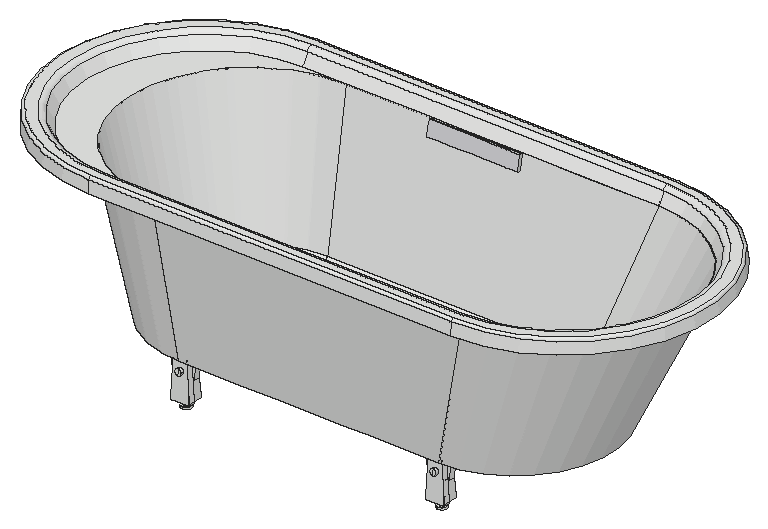
Revit family "Bath-Drop_In-KOHLER-LOVEE-K-9286T", category Plumbing Fixtures, host Face, Revit 2017
Family settings
  Host = Face
  Round Connector Dimension = Use Diameter
  Part Type = Normal
  OmniClass Number = 23.31.15.00
  OmniClass Title = Bathtubs
  Cut with Voids When Loaded = No
  Shared = No
  Room Calculation Point = No
Parameters (values of type "0-White")
  Width = 29.52756"  # constant formula
  WaterSense Certified = 1 = 0  # no
  Waste Water Outlet = "Waste Water Outlet"  # constant formula
  Waste Connection = 1 = 1  # yes
  Vent Connection = 1 = 0  # no
  URL = "http://www.kohler.com.cn/"
  Product Page URL = "https://www.kohler.com.cn/product/K-9286T-0/K-9286T-0/"
  Product Name = "LOVEE"  # constant formula
  Product Documentation Link = "https://files.kohler.com.cn/pdfs/cast_iron_wo_installation.pdf"
  Model = "K-9286T-0"  # constant formula
  Material = "Cast Iron"  # constant formula
  Master Format 2014 Name = "Residential Bathtubs"  # constant formula
  Master Format 2014 = "22 41 19"  # constant formula
  Manufacturer Address = "Kohler Beijing Office (100016) 36-2-03-B, No. 88, Liuxiang Road, Beijing"  # constant formula
  Manufacturer = "KOHLER Co."  # constant formula
  Length = 66.92913"  # constant formula
  Hot Water Inlet = "Hot Water Inlet"  # constant formula
  Height = 21 3/4"  # constant formula
  HW Connection = 1 = 0  # no
  Finish = KOHLER-Cast_Iron-0-White
  Environmental Product Declaration = ""
  Drain Included = 1 = 0  # no
  Description = "Built-in cast iron bathtub"  # constant formula
  Default Elevation = 0"
  Declare Label = ""
  Date Modified = "01/29/2021"  # constant formula
  Date Created = "01/29/2021"  # constant formula
  Copyright = "Copyright KOHLER Co."  # constant formula
  Contact Us = "http://www.kohler.com.cn/contact/contact-us/"
  Cold Water Inlet = "Cold Water Inlet"  # constant formula
  CW Connection = 1 = 0  # no
  Assembly Code = "D2010500"
  ADA Compliant = 1 = 0  # no
Reference planes (in)
  plane 1 "Center (Front/Back)": y = 0
  plane 2: z = 0
  plane 3 "Center (Left/Right)": x = 0
  plane 4: x = 13.18898
  plane 5: x = -13.18898
  plane 6: x = -23.1063
  plane 7: x = 23.1063
  plane 8: y = 14.76378
  plane 9: y = 13.18701
  plane 10: y = 9.59252
  plane 11: y = -14.76378
  plane 12: y = -13.18701
  plane 13: y = -9.59252
  plane 14: x = -33.46457
  plane 15: x = -31.77165
  plane 16: x = 33.46457
  plane 17: x = 31.77165
  plane 18: y = 9.01575
  plane 19: y = -9.01575
  plane 20: z = -20.28371
  plane 21: z = 1.46629
Forms (in)
  Extrusion 1, void
    sketch origin (0, 0, 0) x (1, 0, 0) y (0, 1, 0)
      loop
        line (-17.67621, -12.93661) -> (18.39277, -12.93655)
        arc (18.39277, -12.93655) -> (32.1106, 0.61196) -> (18.73356, 14.49704) r 13.71891
        line (18.73356, 14.49704) -> (-17.41537, 14.4971)
        arc (-17.41537, 14.4971) -> (-31.39371, 0.91191) -> (-17.67621, -12.93661) r 13.7181
    from -15.76593 to 0
Dimensions and locks (in)
  "Length": plane 14 to plane 16
  plane 15 to plane 17 = 63.54331"
  plane 6 to plane 7 = 46.2126"
  plane 10 to plane 13 = 19.18504"
  plane 9 to plane 12 = 26.37402"
  "Width": plane 8 to plane 11
  plane 18 to plane 19 = 18.0315"
  plane 4 to plane 5 = 26.37795"
  "Height": plane 21 to plane 20
  aligned and locked: plane 2 to host face
  aligned and locked: level to host face
Automatic sketch dimensions
  host sketch curve to host sketch curve = 96"  (x2)
  Extrusion 1 sketch curve to plane 1 "Center (Front/Back)" = 0.78149"
  Extrusion 1 sketch curve to plane 12 = 0.2504"
  Extrusion 1 sketch curve to plane 5 = 4.48723"
  Extrusion 1 sketch curve to plane 1 "Center (Front/Back)" = 0.78236"
  plane 7 to Extrusion 1 sketch curve = 4.71355"
  Extrusion 1 sketch curve to plane 12 = 0.25046"
  plane 7 to Extrusion 1 sketch curve = 4.71353"
  Extrusion 1 sketch curve to plane 8 = 0.26674"
  Extrusion 1 sketch curve to plane 8 = 0.26668"
  Extrusion 1 sketch curve to plane 5 = 4.2264"
Nested families (in)
  nested 1: "K-9286T" at (0.60594, 2.00298, -20.94488), type "K-9286T"
Connectors (in)
  piping at (0.60594, 2.00298, -17.13289), diameter 1.3125, driven by "Waste Connection", driven by "Waste Water Outlet"
    settings: on nested 1, index 1, connector inside diameter 24", connector length 0", flow factor 0, pipe flow 0 GPM, pressure drop 0.00 psi, fitting loss kfactor 0, connector angle 0.00°, fixture units 0, engagement length 0", angle of deflection 0.00°, flow configuration 0, flow direction 2, fitting loss method 0, system type 16, joint type 0, gender type 0, connector reference index -1, connector utility 1, adjustable connector no, is connector primary yes, connector description "Waste Water Outlet"
Definition of nested family "K-9286T"
  Parameters (values of type "K-9286T")
    Material = none
  Reference planes (in)
    plane 1 "Center (Front/Back)": y = 0
    plane 2: z = 0
    plane 3 "Center (Left/Right)": x = 0
    plane 4: y = -9.01575
    plane 5: y = 9.01575
    plane 6: x = -13.18898
    plane 7: x = 13.18898
    plane 8: z = 22.43307
    plane 9: z = 21.06299
    plane 10: x = -33.46457
    plane 11: x = 33.46457
    plane 12: y = -14.76378
    plane 13: y = 14.76378
    plane 14: x = -31.77165
    plane 15: x = 31.77165
    plane 16: x = -23.1063
    plane 17: x = 23.1063
    plane 18: y = 9.59252
    plane 19: y = -9.59252
    plane 20: y = 13.18701
    plane 21: y = -13.18701
    plane 22: z = 0.66118
  Forms (in)
    Blend 1, void
      base sketch origin (0, 0, 0) x (1, 0, 0) y (0, 1, 0)
        loop
          arc (-13.32634, 9.22486) -> (-22.47988, 0.07132) -> (-13.32634, -9.08223) r 9.15354
          line (-13.32634, -9.08223) -> (13.54037, -9.08223)
          arc (13.54037, -9.08223) -> (22.69391, 0.07132) -> (13.54037, 9.22486) r 9.15354
          line (13.54037, 9.22486) -> (-13.32634, 9.22486)
      top sketch origin (0, 0, 0) x (1, 0, 0) y (0, 1, 0)
        loop
          line (18.4404, 12.31591) -> (-13.78459, 12.31601)
          arc (-13.78459, 12.31601) -> (-26.10064, 0) -> (-13.78459, -12.31601) r 12.31601
          line (-13.78459, -12.31601) -> (18.4404, -12.31591)
          arc (18.4404, -12.31591) -> (30.75627, 0) -> (18.4404, 12.31591) r 12.31591
      from 5.87937 to 20.94488
    Sweep 2, solid, material <- "Material", detail levels medium+fine
      path origin (0, 0, 0) x (1, 0, 0) y (0, 1, 0)
        loop
          arc (18.70419, -13.18771) -> (31.8919, 0) -> (18.70419, 13.18771) r 13.18771
          line (18.70419, 13.18771) -> (-18.69694, 13.18771)
          arc (-18.69694, 13.18771) -> (-31.88466, 0) -> (-18.69694, -13.18771) r 13.18771
          line (-18.69694, -13.18771) -> (18.70419, -13.18771)
      profile origin (0.00362, -13.18771, 0) x (0, -1, 0) y (0, 0, 1)
        loop
          line (0.85028, 22.40397) -> (0.85028, 20.94488) -> (1.57607, 20.94488) -> (1.4706, 22.15043)
          arc (1.4706, 22.15043) -> (1.38155, 22.331) -> (1.19391, 22.40397) r 0.27775
          line (1.19391, 22.40397) -> (0.85028, 22.40397)
    Sweep 3, solid, material <- "Material", detail levels medium+fine
      path origin (0, 0, 0) x (1, 0, 0) y (0, 1, 0)
        loop
          line (13.54037, 9.22486) -> (-13.32634, 9.22486)
          arc (-13.32634, 9.22486) -> (-22.47988, 0.07132) -> (-13.32634, -9.08223) r 9.15354
          line (-13.32634, -9.08223) -> (13.54037, -9.08223)
          arc (13.54037, -9.08223) -> (22.69391, 0.07132) -> (13.54037, 9.22486) r 9.15354
      profile origin (22.69391, 0.07132, 0) x (-1, 0, 0) y (0, 0, 1)
        loop
          line (0, 5.87937) -> (1.5748, 5.87937)
          arc (1.5748, 5.87937) -> (0.24191, 6.22213) -> (-0.71338, 7.21285) r 2.52557
          line (-0.71338, 7.21285) -> (0, 5.87937)
    Blend 4, solid, material <- "Material", detail levels medium+fine
      base sketch origin (0.05035, -0.1465, 0) x (1, 0, 0) y (0, 1, 0)
        loop
          arc (-17.2274, 13.0831) -> (-30.164, 0.1465) -> (-17.2274, -12.7901) r 12.9366
          line (-17.2274, -12.7901) -> (-13.23933, -12.7901) -> (-13.23933, 13.0831) -> (-17.2274, 13.0831)
      top sketch origin (0.05035, -0.1465, 0) x (1, 0, 0) y (0, 1, 0)
        loop
          line (-13.23933, 13.0831) -> (-17.72658, 13.0831)
          arc (-17.72658, 13.0831) -> (-30.66319, 0.14649) -> (-17.72656, -12.79011) r 12.9366
          line (-17.72656, -12.79011) -> (-13.23933, -12.7901) -> (-13.23933, 13.0831)
      from 20.09344 to 20.94488
    Extrusion 5, void
      sketch origin (0, 0, 0) x (1, 0, 0) y (0, 1, 0)
        loop
          arc (-2.00442, 2.40789) -> (-2.28281, 2.29258) -> (-2.39812, 2.01419) r 0.3937
          line (-2.39812, 2.01419) -> (-2.39812, -2.01419)
          arc (-2.39812, -2.01419) -> (-2.28281, -2.29258) -> (-2.00442, -2.40789) r 0.3937
          line (-2.00442, -2.40789) -> (2.00442, -2.40789)
          arc (2.00442, -2.40789) -> (2.28281, -2.29258) -> (2.39812, -2.01419) r 0.3937
          line (2.39812, -2.01419) -> (2.39812, 2.01419)
          arc (2.39812, 2.01419) -> (2.28281, 2.29258) -> (2.00442, 2.40789) r 0.3937
          line (2.00442, 2.40789) -> (-2.00442, 2.40789)
      from 2.21015 to 7.89698
    Blend 6, solid, material <- "Material", detail levels medium+fine
      base sketch origin (0, 0, 0) x (1, 0, 0) y (0, 1, 0)
        loop
          line (-2.39812, 2.01419) -> (-2.39812, -2.01419)
          arc (-2.39812, -2.01419) -> (-2.28281, -2.29258) -> (-2.00442, -2.40789) r 0.3937
          line (-2.00442, -2.40789) -> (2.00442, -2.40789)
          arc (2.00442, -2.40789) -> (2.28281, -2.29258) -> (2.39812, -2.01419) r 0.3937
          line (2.39812, -2.01419) -> (2.39812, 2.01419)
          arc (2.39812, 2.01419) -> (2.28281, 2.29258) -> (2.00442, 2.40789) r 0.3937
          line (2.00442, 2.40789) -> (-2.00442, 2.40789)
          arc (-2.00442, 2.40789) -> (-2.28281, 2.29258) -> (-2.39812, 2.01419) r 0.3937
      top sketch origin (0, 0, 0) x (1, 0, 0) y (0, 1, 0)
        loop
          arc (-0.80906, 1.26512) -> (-1.12921, 1.13251) -> (-1.26182, 0.81236) r 0.45276
          line (-1.26182, 0.81236) -> (-1.26182, -0.81236)
          arc (-1.26182, -0.81236) -> (-1.12921, -1.13251) -> (-0.80906, -1.26512) r 0.45276
          line (-0.80906, -1.26512) -> (0.80906, -1.26512)
          arc (0.80906, -1.26512) -> (1.12921, -1.13251) -> (1.26182, -0.81236) r 0.45276
          line (1.26182, -0.81236) -> (1.26182, 0.81236)
          arc (1.26182, 0.81236) -> (1.12921, 1.13251) -> (0.80906, 1.26512) r 0.45276
          line (0.80906, 1.26512) -> (-0.80906, 1.26512)
      from 5.87937 to 4.65567
    Revolve 7, solid, detail levels medium+fine
      sketch origin (0, 0, 0) x (1, 0, 0) y (0, 0, 1)
        loop
          line (-1.35, 5.92209) -> (-0.64618, 5.92209) -> (-0.64618, 5.56009) -> (-0.56592, 5.56009) -> (-0.56592, 5.29427) -> (-0.64618, 5.29427) -> (-0.64618, 5.23128) -> (0, 5.23128) -> (0, 6.17143)
          arc (0, 6.17143) -> (-0.68579, 6.12325) -> (-1.35814, 5.9798) r 4.91205
          arc (-1.35814, 5.9798) -> (-1.37914, 5.94741) -> (-1.35, 5.92209) r 0.02943
        loop
          line (-1.09371, 4.34647) -> (-1.09371, 3.81199) -> (0, 3.81199) -> (0, 5.11675) -> (-1.36, 5.11675) -> (-1.36, 5.01795) -> (-1.00439, 4.96842) -> (-1.00439, 4.85252) -> (-1.34843, 4.85252) -> (-1.34843, 4.76886) -> (-1.41273, 4.76886) -> (-1.41273, 4.65567) -> (-0.93025, 4.65567) -> (-0.93025, 4.55569) -> (-1.36, 4.55569) -> (-1.36, 4.44582) -> (-1.15537, 4.41732)
          arc (-1.15537, 4.41732) -> (-1.11129, 4.39343) -> (-1.09371, 4.34647) r 0.07153
        axis (0, 3.81199) -> (0, 6.17143)
      angle from 0 to 360
    Blend 8, solid, material <- "Material", detail levels medium+fine
      base sketch origin (0.029, 0, -0.1406) x (1, 0, 0) y (0, 1, 0)
        loop
          arc (18.36377, -12.93655) -> (31.30029, 0) -> (18.36377, 12.93655) r 12.93655
          line (18.36377, 12.93655) -> (-13.55745, 12.9366)
          arc (-13.55745, 12.9366) -> (-26.49407, 0) -> (-13.55745, -12.9366) r 12.9366
          line (-13.55745, -12.9366) -> (18.36377, -12.93655)
      top sketch origin (0.029, 0, -0.1406) x (1, 0, 0) y (0, 1, 0)
        loop
          arc (-13.29657, 9.89663) -> (-23.19319, 0) -> (-13.29657, -9.89663) r 9.89663
          line (-13.29657, -9.89663) -> (13.48303, -9.89663)
          arc (13.48303, -9.89663) -> (23.37966, 0) -> (13.48303, 9.89663) r 9.89663
          line (13.48303, 9.89663) -> (-13.29657, 9.89663)
      from 21.08548 to 5.38876
    Sweep 9, solid, material <- "Material", detail levels medium+fine
      path origin (0, 0, 0) x (1, 0, 0) y (0, 1, 0)
        loop
          line (-18.27963, -12.31603) -> (18.4404, -12.31591)
          arc (18.4404, -12.31591) -> (30.75627, 0) -> (18.4404, 12.31591) r 12.31591
          line (18.4404, 12.31591) -> (-18.27963, 12.31603)
          arc (-18.27963, 12.31603) -> (-30.59569, 0) -> (-18.27963, -12.31603) r 12.31603
      profile origin (-30.59569, 0, 0) x (1, 0, 0) y (0, 0, 1)
        loop
          line (-0.01715, 20.94488) -> (-0.66725, 22.05373)
          arc (-0.66725, 22.05373) -> (-0.92631, 22.31021) -> (-1.27859, 22.40397) r 0.70866
          line (-1.27859, 22.40397) -> (-1.44826, 22.40397) -> (-1.44826, 20.94488) -> (-0.01715, 20.94488)
    Extrusion 10, solid, material <- "Material", detail levels medium+fine
      sketch origin (0, 0, 0) x (1, 0, 0) y (0, 1, 0)
        loop
          arc (-18.27962, 13.76429) -> (-32.04395, 0) -> (-18.27962, -13.76429) r 13.76429
          line (-18.27962, -13.76429) -> (18.4404, -13.76417)
          arc (18.4404, -13.76417) -> (32.20453, 0) -> (18.4404, 13.76417) r 13.76417
          line (18.4404, 13.76417) -> (-18.27962, 13.76429)
        loop
          line (-18.69694, -14.03799) -> (18.70419, -14.03799)
          arc (18.70419, -14.03799) -> (32.74218, 0) -> (18.70419, 14.03799) r 14.03799
          line (18.70419, 14.03799) -> (-18.69694, 14.03799)
          arc (-18.69694, 14.03799) -> (-32.73494, 0) -> (-18.69694, -14.03799) r 14.03799
      from 20.94488 to 22.40397
    Extrusion 11, solid, detail levels medium+fine
      sketch origin (0, 0, 0) x (0, 1, 0) y (0, 0, 1)
        loop
          line (11.86197, 21.13016) -> (11.43965, 21.21608)
          arc (11.43965, 21.21608) -> (11.42369, 21.21298) -> (11.41459, 21.1995) r 0.02125
          line (11.41459, 21.1995) -> (11.11935, 19.7483)
          arc (11.11935, 19.7483) -> (11.12222, 19.73352) -> (11.13471, 19.72509) r 0.01969
          line (11.13471, 19.72509) -> (11.55749, 19.63907)
          arc (11.55749, 19.63907) -> (11.5735, 19.64219) -> (11.58263, 19.65571) r 0.02131
          line (11.58263, 19.65571) -> (11.87776, 21.10632)
          arc (11.87776, 21.10632) -> (11.8748, 21.12151) -> (11.86197, 21.13016) r 0.02022
      from -4.65075 to 4.68674
    Blend 12, solid, material <- "Material", detail levels coarse
      base sketch origin (-0.3647, -0.3937, 0) x (1, 0, 0) y (0, 1, 0)
        loop
          arc (18.58009, -12.93655) -> (31.51662, 0) -> (18.58009, 12.93655) r 12.93655
          line (18.58009, 12.93655) -> (-17.73954, 12.93661)
          arc (-17.73954, 12.93661) -> (-30.67617, 0) -> (-17.73954, -12.93661) r 12.93661
          line (-17.73954, -12.93661) -> (18.58009, -12.93655)
      top sketch origin (-0.3647, -0.3937, 0) x (1, 0, 0) y (0, 1, 0)
        loop
          arc (-12.57173, 9.89663) -> (-22.46836, 0) -> (-12.57173, -9.89663) r 9.89663
          line (-12.57173, -9.89663) -> (13.11111, -9.89663)
          arc (13.11111, -9.89663) -> (23.00773, 0) -> (13.11111, 9.89663) r 9.89663
          line (13.11111, 9.89663) -> (-12.57173, 9.89663)
      from 21.08548 to 5.38876
    Blend 13, void
      base sketch origin (-0.13919, -0.33604, 0) x (1, 0, 0) y (0, 1, 0)
        loop
          arc (-13.32634, 9.22486) -> (-22.47988, 0.07132) -> (-13.32634, -9.08223) r 9.15354
          line (-13.32634, -9.08223) -> (13.54037, -9.08223)
          arc (13.54037, -9.08223) -> (22.69391, 0.07132) -> (13.54037, 9.22486) r 9.15354
          line (13.54037, 9.22486) -> (-13.32634, 9.22486)
      top sketch origin (-0.13919, -0.33604, 0) x (1, 0, 0) y (0, 1, 0)
        loop
          line (18.4404, 12.31591) -> (-18.0225, 12.31602)
          arc (-18.0225, 12.31602) -> (-30.33857, 0) -> (-18.0225, -12.31602) r 12.31602
          line (-18.0225, -12.31602) -> (18.4404, -12.31591)
          arc (18.4404, -12.31591) -> (30.75627, 0) -> (18.4404, 12.31591) r 12.31591
      from 6.87645 to 22.82464
    Extrusion 14, solid, material <- "Material", detail levels coarse
      sketch origin (0, 0, 0) x (1, 0, 0) y (0, 1, 0)
        loop
          arc (-18.69694, 14.76378) -> (-33.46072, -0.00376) -> (-18.68942, -14.76378) r 14.76378
          line (-18.68942, -14.76378) -> (18.71142, -14.76378)
          arc (18.71142, -14.76378) -> (33.46797, 0.00362) -> (18.70419, 14.76378) r 14.76378
          line (18.70419, 14.76378) -> (-18.69694, 14.76378)
      from 20.83358 to 22.61013
    Extrusion 15, solid, detail levels medium+fine
      sketch origin (0, 0, 0) x (1, 0, 0) y (0, 0, 1)
        loop
          arc (-14.12574, 1.5342) -> (-14.08559, 1.42283) -> (-13.97694, 1.37582) r 0.14909
          line (-13.97694, 1.37582) -> (-12.32668, 1.37582)
          arc (-12.32668, 1.37582) -> (-12.21501, 1.42413) -> (-12.17375, 1.5386) r 0.15323
          line (-12.17375, 1.5386) -> (-12.46045, 6.13161) -> (-13.83876, 6.13161) -> (-14.12574, 1.5342)
      from 9.30224 to 9.84252
    Extrusion 16, solid, material <- "Material", detail levels medium+fine
      sketch origin (0, 0, 0) x (1, 0, 0) y (0, 0, 1)
        loop
          line (-13.29417, 3.69082) -> (-12.04724, 3.69082) -> (-11.8337, 6.13161) -> (-14.54425, 6.13161) -> (-14.33071, 3.69082) -> (-13.29417, 3.69082)
      from 8.83952 to 9.30224
    Revolve 17, solid, material <- "Material", detail levels medium+fine
      sketch origin (-13.18898, 0.00308, 0.07305) x (0, 1, 0) y (0, 0, 1)
        loop
          line (-9.51396, 0.62366) -> (-9.40537, 0.58838) -> (-9.01693, 0.58838) -> (-9.01693, 1.56312) -> (-9.28672, 1.56312) -> (-9.28672, 1.06082) -> (-9.15645, 1.06082) -> (-9.20839, 1.02836) -> (-9.15247, 0.99608) -> (-9.20616, 0.96632) -> (-9.15598, 0.93735) -> (-9.20865, 0.90815) -> (-9.15316, 0.87612) -> (-9.20579, 0.84548) -> (-9.15708, 0.82276) -> (-9.19863, 0.79858) -> (-9.19863, 0.72617) -> (-9.51396, 0.72617) -> (-9.51396, 0.62366)
        axis (-9.01693, 1.56312) -> (-9.01693, 0.58838)
      angle from 0 to 360
    Revolve 18, solid, material <- "Material", detail levels medium+fine
      sketch origin (-13.15207, 0, 0) x (0, 1, 0) y (0, 0, 1)
        loop
          line (-8.13832, 4.23028) -> (-10.10439, 4.33332) -> (-10.12108, 4.01484) -> (-9.88291, 4.00236) -> (-9.8789, 4.11725) -> (-8.83952, 4.08095) -> (-8.82014, 4.1108) -> (-8.79473, 4.063) -> (-8.76022, 4.1105) -> (-8.73238, 4.05814) -> (-8.69896, 4.10961) -> (-8.67111, 4.05724) -> (-8.64426, 4.10376) -> (-8.62039, 4.05887) -> (-8.63608, 3.75953) -> (-8.53779, 3.75438) -> (-8.53015, 3.90008) -> (-8.47118, 3.89699) -> (-8.46954, 3.92821) -> (-8.15501, 3.91173) -> (-8.13832, 4.23028)
        axis (-8.13832, 4.23028) -> (-10.10439, 4.33332)
      angle from 0 to 360
    Extrusion 19, solid, detail levels medium+fine
      sketch origin (26.30413, 0, 0) x (1, 0, 0) y (0, 0, 1)
        loop
          arc (-14.12574, 1.5342) -> (-14.08559, 1.42283) -> (-13.97694, 1.37582) r 0.14909
          line (-13.97694, 1.37582) -> (-12.32668, 1.37582)
          arc (-12.32668, 1.37582) -> (-12.21501, 1.42413) -> (-12.17375, 1.5386) r 0.15323
          line (-12.17375, 1.5386) -> (-12.46045, 6.13161) -> (-13.83876, 6.13161) -> (-14.12574, 1.5342)
      from 9.30224 to 9.84252
    Extrusion 20, solid, detail levels medium+fine
      sketch origin (26.30413, 0, 0) x (0, 1, 0) y (0, 0, 1)
        loop
          line (-9.77024, 1.35724) -> (-8.34492, 1.45669)
          arc (-8.34492, 1.45669) -> (-8.22406, 1.50632) -> (-8.19734, 1.63421) r 0.13943
          arc (-8.19734, 1.63421) -> (-8.39922, 2.57551) -> (-8.46696, 3.53583) r 6.8408
          arc (-8.46696, 3.53583) -> (-8.51236, 3.64542) -> (-8.62196, 3.69082) r 0.155
          line (-8.62196, 3.69082) -> (-9.77024, 3.69082) -> (-9.77024, 1.35724)
      from -14.02192 to -12.31003
    Extrusion 21, solid, material <- "Material", detail levels medium+fine
      sketch origin (26.30413, 0, 0) x (1, 0, 0) y (0, 0, 1)
        loop
          line (-13.29417, 3.69082) -> (-12.04724, 3.69082) -> (-11.8337, 6.13161) -> (-14.54425, 6.13161) -> (-14.33071, 3.69082) -> (-13.29417, 3.69082)
      from 8.83952 to 9.30224
    Revolve 22, solid, material <- "Material", detail levels medium+fine
      sketch origin (13.18898, 0.00308, 0.07382) x (0, 1, 0) y (0, 0, 1)
        loop
          line (-9.51396, 0.62366) -> (-9.40537, 0.58838) -> (-9.01693, 0.58838) -> (-9.01693, 1.56312) -> (-9.28672, 1.56312) -> (-9.28672, 1.06082) -> (-9.15645, 1.06082) -> (-9.20839, 1.02836) -> (-9.15247, 0.99608) -> (-9.20616, 0.96632) -> (-9.15598, 0.93735) -> (-9.20865, 0.90815) -> (-9.15316, 0.87612) -> (-9.20579, 0.84548) -> (-9.15708, 0.82276) -> (-9.19863, 0.79858) -> (-9.19863, 0.72617) -> (-9.51396, 0.72617) -> (-9.51396, 0.62366)
        axis (-9.01693, 1.56312) -> (-9.01693, 0.58838)
      angle from 0 to 360
    Revolve 23, solid, material <- "Material", detail levels medium+fine
      sketch origin (13.15207, 0, 0) x (0, 1, 0) y (0, 0, 1)
        loop
          line (-8.13832, 4.23028) -> (-10.10439, 4.33332) -> (-10.12108, 4.01484) -> (-9.88291, 4.00236) -> (-9.8789, 4.11725) -> (-8.83952, 4.08095) -> (-8.82014, 4.1108) -> (-8.79473, 4.063) -> (-8.76022, 4.1105) -> (-8.73238, 4.05814) -> (-8.69896, 4.10961) -> (-8.67111, 4.05724) -> (-8.64426, 4.10376) -> (-8.62039, 4.05887) -> (-8.63608, 3.75953) -> (-8.53779, 3.75438) -> (-8.53015, 3.90008) -> (-8.47118, 3.89699) -> (-8.46954, 3.92821) -> (-8.15501, 3.91173) -> (-8.13832, 4.23028)
        axis (-8.13832, 4.23028) -> (-10.10439, 4.33332)
      angle from 0 to 360
    Extrusion 24, solid, detail levels medium+fine
      sketch origin (-0.01006, 0, -0.0106) x (0, 1, 0) y (0, 0, 1)
        loop
          line (-9.77024, 1.35724) -> (-8.34492, 1.45669)
          arc (-8.34492, 1.45669) -> (-8.22406, 1.50632) -> (-8.19734, 1.63421) r 0.13943
          arc (-8.19734, 1.63421) -> (-8.39922, 2.57551) -> (-8.46696, 3.53583) r 6.8408
          arc (-8.46696, 3.53583) -> (-8.51236, 3.64542) -> (-8.62196, 3.69082) r 0.155
          line (-8.62196, 3.69082) -> (-9.77024, 3.69082) -> (-9.77024, 1.35724)
      from -14.02192 to -12.31003
    Extrusion 25, solid, detail levels medium+fine
      sketch origin (0, 0, 0) x (1, 0, 0) y (0, 0, -1)
        loop
          line (-14.12574, -1.5342) -> (-13.83876, -6.13161) -> (-12.46045, -6.13161) -> (-12.17375, -1.5386)
          arc (-12.17375, -1.5386) -> (-12.21501, -1.42413) -> (-12.32668, -1.37582) r 0.15323
          line (-12.32668, -1.37582) -> (-13.97694, -1.37582)
          arc (-13.97694, -1.37582) -> (-14.08559, -1.42283) -> (-14.12574, -1.5342) r 0.14909
      from 9.30224 to 9.84252
    Extrusion 26, solid, material <- "Material", detail levels medium+fine
      sketch origin (0, 0, 0) x (1, 0, 0) y (0, 0, -1)
        loop
          line (-13.29417, -3.69082) -> (-14.33071, -3.69082) -> (-14.54425, -6.13161) -> (-11.8337, -6.13161) -> (-12.04724, -3.69082) -> (-13.29417, -3.69082)
      from 8.83952 to 9.30224
    Revolve 27, solid, material <- "Material", detail levels medium+fine
      sketch origin (-13.18898, -0.00308, 0.07843) x (0, -1, 0) y (0, 0, -1)
        loop
          line (-9.51396, -0.62366) -> (-9.51396, -0.72617) -> (-9.19863, -0.72617) -> (-9.19863, -0.79858) -> (-9.15708, -0.82276) -> (-9.20579, -0.84548) -> (-9.15316, -0.87612) -> (-9.20865, -0.90815) -> (-9.15598, -0.93735) -> (-9.20616, -0.96632) -> (-9.15247, -0.99608) -> (-9.20839, -1.02836) -> (-9.15645, -1.06082) -> (-9.28672, -1.06082) -> (-9.28672, -1.56312) -> (-9.01693, -1.56312) -> (-9.01693, -0.58274) -> (-9.38803, -0.58274) -> (-9.51396, -0.62366)
        axis (-9.01693, -1.56312) -> (-9.01693, -0.58274)
      angle from 0 to 360
    Revolve 28, solid, material <- "Material", detail levels medium+fine
      sketch origin (-13.15207, 0, 0) x (0, -1, 0) y (0, 0, -1)
        loop
          line (-8.13832, -4.23028) -> (-8.15501, -3.91173) -> (-8.46954, -3.92821) -> (-8.47118, -3.89699) -> (-8.53015, -3.90008) -> (-8.53779, -3.75438) -> (-8.63608, -3.75953) -> (-8.62039, -4.05887) -> (-8.64426, -4.10376) -> (-8.67111, -4.05724) -> (-8.69896, -4.10961) -> (-8.73238, -4.05814) -> (-8.76022, -4.1105) -> (-8.79473, -4.063) -> (-8.82014, -4.1108) -> (-8.83952, -4.08095) -> (-9.8789, -4.11725) -> (-9.88291, -4.00236) -> (-10.12108, -4.01484) -> (-10.10439, -4.33332) -> (-8.13832, -4.23028)
        axis (-8.13832, -4.23028) -> (-10.10439, -4.33332)
      angle from 0 to 360
    Extrusion 29, solid, detail levels medium+fine
      sketch origin (-0.01006, 0, -0.0106) x (0, -1, 0) y (0, 0, -1)
        loop
          line (-9.77024, -1.35724) -> (-9.77024, -3.69082) -> (-8.62196, -3.69082)
          arc (-8.62196, -3.69082) -> (-8.51236, -3.64542) -> (-8.46696, -3.53583) r 0.155
          arc (-8.46696, -3.53583) -> (-8.39922, -2.57551) -> (-8.19734, -1.63421) r 6.8408
          arc (-8.19734, -1.63421) -> (-8.22406, -1.50632) -> (-8.34492, -1.45669) r 0.13943
          line (-8.34492, -1.45669) -> (-9.77024, -1.35724)
      from -14.02192 to -12.31003
    Extrusion 30, solid, detail levels medium+fine
      sketch origin (0, 0, 0) x (-1, 0, 0) y (0, 0, 1)
        loop
          arc (-14.12574, 1.5342) -> (-14.08559, 1.42283) -> (-13.97694, 1.37582) r 0.14909
          line (-13.97694, 1.37582) -> (-12.32668, 1.37582)
          arc (-12.32668, 1.37582) -> (-12.21501, 1.42413) -> (-12.17375, 1.5386) r 0.15323
          line (-12.17375, 1.5386) -> (-12.46045, 6.13161) -> (-13.83876, 6.13161) -> (-14.12574, 1.5342)
      from 9.30224 to 9.84252
    Extrusion 31, solid, material <- "Material", detail levels medium+fine
      sketch origin (0, 0, 0) x (-1, 0, 0) y (0, 0, 1)
        loop
          line (-13.29417, 3.69082) -> (-12.04724, 3.69082) -> (-11.8337, 6.13161) -> (-14.54425, 6.13161) -> (-14.33071, 3.69082) -> (-13.29417, 3.69082)
      from 8.83952 to 9.30224
    Revolve 32, solid, material <- "Material", detail levels medium+fine
      sketch origin (13.18898, -0.00308, 0.07382) x (0, -1, 0) y (0, 0, 1)
        loop
          line (-9.51396, 0.62366) -> (-9.40537, 0.58838) -> (-9.01693, 0.58838) -> (-9.01693, 1.56312) -> (-9.28672, 1.56312) -> (-9.28672, 1.06082) -> (-9.15645, 1.06082) -> (-9.20839, 1.02836) -> (-9.15247, 0.99608) -> (-9.20616, 0.96632) -> (-9.15598, 0.93735) -> (-9.20865, 0.90815) -> (-9.15316, 0.87612) -> (-9.20579, 0.84548) -> (-9.15708, 0.82276) -> (-9.19863, 0.79858) -> (-9.19863, 0.72617) -> (-9.51396, 0.72617) -> (-9.51396, 0.62366)
        axis (-9.01693, 1.56312) -> (-9.01693, 0.58838)
      angle from 0 to 360
    Revolve 33, solid, material <- "Material", detail levels medium+fine
      sketch origin (13.15207, 0, 0) x (0, -1, 0) y (0, 0, 1)
        loop
          line (-8.13832, 4.23028) -> (-10.10439, 4.33332) -> (-10.12108, 4.01484) -> (-9.88291, 4.00236) -> (-9.8789, 4.11725) -> (-8.83952, 4.08095) -> (-8.82014, 4.1108) -> (-8.79473, 4.063) -> (-8.76022, 4.1105) -> (-8.73238, 4.05814) -> (-8.69896, 4.10961) -> (-8.67111, 4.05724) -> (-8.64426, 4.10376) -> (-8.62039, 4.05887) -> (-8.63608, 3.75953) -> (-8.53779, 3.75438) -> (-8.53015, 3.90008) -> (-8.47118, 3.89699) -> (-8.46954, 3.92821) -> (-8.15501, 3.91173) -> (-8.13832, 4.23028)
        axis (-8.13832, 4.23028) -> (-10.10439, 4.33332)
      angle from 0 to 360
    Extrusion 34, solid, detail levels medium+fine
      sketch origin (0.01006, 0, -0.0106) x (0, -1, 0) y (0, 0, 1)
        loop
          line (-9.77024, 1.35724) -> (-8.34492, 1.45669)
          arc (-8.34492, 1.45669) -> (-8.22406, 1.50632) -> (-8.19734, 1.63421) r 0.13943
          arc (-8.19734, 1.63421) -> (-8.39922, 2.57551) -> (-8.46696, 3.53583) r 6.8408
          arc (-8.46696, 3.53583) -> (-8.51236, 3.64542) -> (-8.62196, 3.69082) r 0.155
          line (-8.62196, 3.69082) -> (-9.77024, 3.69082) -> (-9.77024, 1.35724)
      from -14.02192 to -12.31003
  Cuts and joins
    Extrusion 5 cuts Sweep 2
    Blend 1 cuts Blend 4
    Blend 1, Extrusion 5 cuts Blend 8
    joined: Sweep 2, Blend 4, Blend 8, Sweep 9, Extrusion 10
    Blend 13 cuts Sweep 3
    Blend 13 cuts Blend 6
    Blend 13 cuts Revolve 7
    Blend 13 cuts Extrusion 11
    Blend 13 cuts Blend 12
    Blend 13 cuts Extrusion 14
    joined: Blend 12, Extrusion 14
  Lines and regions (in)
    Masking region 1
      outline origin (0, 0, 0) x (1, 0, 0) y (0, 1, 0)
        loop
          arc (-18.69694, 14.76378) -> (-33.46072, -0.00376) -> (-18.68942, -14.76378) r 14.76378
          line (-18.68942, -14.76378) -> (18.71142, -14.76378)
          arc (18.71142, -14.76378) -> (33.46797, 0.00362) -> (18.70419, 14.76378) r 14.76378
          line (18.70419, 14.76378) -> (-18.69694, 14.76378)
    Masking region 2
      outline origin (0, 0, 0) x (0, 1, 0) y (0, 0, 1)
        loop
          line (14.76378, 20.94488) -> (14.65875, 22.14538)
          arc (14.65875, 22.14538) -> (14.56792, 22.32955) -> (14.37654, 22.40397) r 0.28329
          line (14.37654, 22.40397) -> (-14.38621, 22.40397)
          arc (-14.38621, 22.40397) -> (-14.57046, 22.33232) -> (-14.65791, 22.15501) r 0.27274
          line (-14.65791, 22.15501) -> (-14.76378, 20.94488) -> (-12.9366, 20.94488) -> (-12.9366, 20.09132) -> (-12.77027, 20.09132) -> (-9.86653, 5.09845) -> (-9.86653, 4.64259) -> (-10.08757, 4.65417) -> (-10.12108, 4.01484) -> (-9.88492, 4.00246) -> (-9.8789, 4.11725) -> (-9.84252, 4.11725) -> (-9.84252, 1.3416) -> (-9.28358, 1.3806) -> (-9.28358, 1.13649) -> (-9.16132, 1.13649) -> (-9.20531, 1.1068) -> (-9.14939, 1.07451) -> (-9.20309, 1.04475) -> (-9.15291, 1.01578) -> (-9.20908, 0.98464) -> (-9.15695, 0.95455) -> (-9.20272, 0.92391) -> (-9.154, 0.9012) -> (-9.19764, 0.87701) -> (-9.19764, 0.8086) -> (-9.50759, 0.8086) -> (-9.50759, 0.70209) -> (-9.38495, 0.66118) -> (-9.01385, 0.66118) -> (-8.64654, 0.66118) -> (-8.5239, 0.70209) -> (-8.5239, 0.8086) -> (-8.83386, 0.8086) -> (-8.83386, 0.87701) -> (-8.87749, 0.9012) -> (-8.82878, 0.92391) -> (-8.87455, 0.95455) -> (-8.82242, 0.98464) -> (-8.87859, 1.01578) -> (-8.82841, 1.04475) -> (-8.8821, 1.07451) -> (-8.82619, 1.1068) -> (-8.87018, 1.13649) -> (-8.74792, 1.13649) -> (-8.74792, 1.41797) -> (-8.34492, 1.44609)
          arc (-8.34492, 1.44609) -> (-8.22406, 1.49572) -> (-8.19734, 1.62362) r 0.13943
          arc (-8.19734, 1.62362) -> (-8.39922, 2.56491) -> (-8.46696, 3.52523) r 6.8408
          arc (-8.46696, 3.52523) -> (-8.51236, 3.63483) -> (-8.62196, 3.68023) r 0.155
          line (-8.62196, 3.68023) -> (-8.83952, 3.68023) -> (-8.83952, 4.08095) -> (-8.82014, 4.1108) -> (-8.79473, 4.063) -> (-8.76022, 4.1105) -> (-8.73238, 4.05814) -> (-8.69896, 4.10961) -> (-8.67111, 4.05724) -> (-8.64426, 4.10376) -> (-8.62039, 4.05887) -> (-8.63608, 3.75953) -> (-8.53779, 3.75438) -> (-8.53015, 3.90008) -> (-8.47118, 3.89699) -> (-8.46954, 3.92821) -> (-8.15453, 3.9117) -> (-8.12097, 4.55197) -> (-8.43599, 4.56848) -> (-8.43435, 4.5997) -> (-8.49332, 4.6028) -> (-8.48569, 4.7485) -> (-8.58398, 4.75365) -> (-8.59967, 4.45431) -> (-8.6281, 4.41216) -> (-8.64994, 4.46123) -> (-8.68311, 4.41206) -> (-8.71097, 4.46674) -> (-8.74413, 4.41758) -> (-8.77348, 4.46842) -> (-8.80375, 4.42355) -> (-8.8199, 4.45525) -> (-8.83952, 4.48327) -> (-8.83952, 5.24816) -> (-1.81562, 5.24816) -> (-1.36807, 4.76822) -> (-1.41262, 4.76822) -> (-1.41262, 4.65567) -> (-0.93025, 4.65567) -> (-0.93025, 4.55569) -> (-1.36, 4.55569) -> (-1.36, 4.44582) -> (-1.16513, 4.4187)
          arc (-1.16513, 4.4187) -> (-1.11436, 4.39477) -> (-1.09371, 4.34258) r 0.07628
          line (-1.09371, 4.34258) -> (-1.09371, 3.81199) -> (1.09371, 3.81199) -> (1.09371, 4.34258)
          arc (1.09371, 4.34258) -> (1.11436, 4.39477) -> (1.16513, 4.4187) r 0.07628
          line (1.16513, 4.4187) -> (1.36, 4.44582) -> (1.36, 4.55569) -> (0.93025, 4.55569) -> (0.93025, 4.65567) -> (1.41262, 4.65567) -> (1.41262, 4.76822) -> (1.36807, 4.76822) -> (1.81562, 5.24816) -> (8.83952, 5.24816) -> (8.83952, 4.48327) -> (8.8199, 4.45525) -> (8.80375, 4.42355) -> (8.77348, 4.46842) -> (8.74413, 4.41758) -> (8.71097, 4.46674) -> (8.68311, 4.41206) -> (8.64994, 4.46123) -> (8.6281, 4.41216) -> (8.59967, 4.45431) -> (8.58398, 4.75365) -> (8.48569, 4.7485) -> (8.49332, 4.6028) -> (8.43435, 4.5997) -> (8.43599, 4.56848) -> (8.12097, 4.55197) -> (8.15453, 3.9117) -> (8.46954, 3.92821) -> (8.47118, 3.89699) -> (8.53015, 3.90008) -> (8.53779, 3.75438) -> (8.63608, 3.75953) -> (8.62039, 4.05887) -> (8.64426, 4.10376) -> (8.67111, 4.05724) -> (8.69896, 4.10961) -> (8.73238, 4.05814) -> (8.76022, 4.1105) -> (8.79473, 4.063) -> (8.82014, 4.1108) -> (8.83952, 4.08095) -> (8.83952, 3.68023) -> (8.62196, 3.68023)
          arc (8.62196, 3.68023) -> (8.51236, 3.63483) -> (8.46696, 3.52523) r 0.155
          arc (8.46696, 3.52523) -> (8.39922, 2.56491) -> (8.19734, 1.62362) r 6.8408
          arc (8.19734, 1.62362) -> (8.22406, 1.49572) -> (8.34492, 1.44609) r 0.13943
          line (8.34492, 1.44609) -> (8.74792, 1.41797) -> (8.74792, 1.13649) -> (8.87018, 1.13649) -> (8.82619, 1.1068) -> (8.8821, 1.07451) -> (8.82841, 1.04475) -> (8.87859, 1.01578) -> (8.82242, 0.98464) -> (8.87455, 0.95455) -> (8.82878, 0.92391) -> (8.87749, 0.9012) -> (8.83386, 0.87701) -> (8.83386, 0.8086) -> (8.5239, 0.8086) -> (8.5239, 0.70209) -> (8.64654, 0.66118) -> (9.01385, 0.66118) -> (9.38495, 0.66118) -> (9.50759, 0.70209) -> (9.50759, 0.8086) -> (9.19764, 0.8086) -> (9.19764, 0.87701) -> (9.154, 0.9012) -> (9.20272, 0.92391) -> (9.15695, 0.95455) -> (9.20908, 0.98464) -> (9.15291, 1.01578) -> (9.20309, 1.04475) -> (9.14939, 1.07451) -> (9.20531, 1.1068) -> (9.16132, 1.13649) -> (9.28358, 1.13649) -> (9.28358, 1.37582) -> (9.84252, 1.3416) -> (9.84252, 4.11725) -> (9.8789, 4.11725) -> (9.88492, 4.00246) -> (10.12108, 4.01484) -> (10.08757, 4.65417) -> (9.86653, 4.64259) -> (9.86653, 5.09845) -> (12.77027, 20.09132) -> (12.9366, 20.09132) -> (12.9366, 20.94488) -> (13.76454, 20.94488) -> (14.76378, 20.94488)
    Masking region 3
      outline origin (0, 0, 0) x (1, 0, 0) y (0, 0, 1)
        loop
          arc (-33.0277, 22.43307) -> (-33.25097, 22.34625) -> (-33.35692, 22.1314) r 0.33047
          line (-33.35692, 22.1314) -> (-33.46072, 20.94488) -> (-30.60523, 20.94488) -> (-30.11365, 20.09344) -> (-26.31965, 20.09344) -> (-23.16419, 5.24816) -> (-14.46696, 5.24816) -> (-14.33071, 3.69082) -> (-13.99112, 3.69082) -> (-14.12747, 1.50652)
          arc (-14.12747, 1.50652) -> (-14.08732, 1.39514) -> (-13.97866, 1.34814) r 0.14909
          line (-13.97866, 1.34814) -> (-13.45892, 1.34814) -> (-13.45892, 1.13387) -> (-13.33685, 1.13387) -> (-13.38044, 1.1068) -> (-13.32452, 1.07451) -> (-13.37821, 1.04475) -> (-13.32803, 1.01578) -> (-13.3807, 0.98659) -> (-13.32521, 0.95455) -> (-13.38048, 0.92391) -> (-13.34742, 0.91056) -> (-13.48089, 0.91056) -> (-13.53058, 0.88242) -> (-13.53058, 0.80461) -> (-13.68601, 0.80461) -> (-13.68601, 0.69671) -> (-13.57742, 0.66143) -> (-13.18898, 0.66143) -> (-12.80053, 0.66143) -> (-12.69195, 0.69671) -> (-12.69195, 0.80461) -> (-12.84738, 0.80461) -> (-12.84738, 0.88242) -> (-12.89706, 0.91056) -> (-13.03053, 0.91056) -> (-12.99747, 0.92391) -> (-13.05274, 0.95455) -> (-12.99725, 0.98659) -> (-13.04992, 1.01578) -> (-12.99974, 1.04475) -> (-13.05344, 1.07451) -> (-12.99752, 1.1068) -> (-13.04111, 1.13387) -> (-12.91904, 1.13387) -> (-12.91904, 1.34506) -> (-12.32528, 1.34506)
          arc (-12.32528, 1.34506) -> (-12.21662, 1.39207) -> (-12.17648, 1.50344) r 0.14909
          line (-12.17648, 1.50344) -> (-12.31302, 3.69082) -> (-12.04724, 3.69082) -> (-11.91099, 5.24816) -> (-1.80757, 5.24816) -> (-1.3667, 4.76884) -> (-1.41281, 4.76884) -> (-1.41281, 4.65567) -> (-0.93025, 4.65567) -> (-0.93025, 4.55569) -> (-1.36, 4.55569) -> (-1.36, 4.44582) -> (-1.15764, 4.41714)
          arc (-1.15764, 4.41714) -> (-1.11192, 4.39227) -> (-1.09371, 4.34352) r 0.07436
          line (-1.09371, 4.34352) -> (-1.09371, 3.81199) -> (1.09371, 3.81199) -> (1.09371, 4.34352)
          arc (1.09371, 4.34352) -> (1.11192, 4.39227) -> (1.15764, 4.41714) r 0.07436
          line (1.15764, 4.41714) -> (1.36, 4.44582) -> (1.36, 4.55569) -> (0.93025, 4.55569) -> (0.93025, 4.65567) -> (1.41281, 4.65567) -> (1.41281, 4.76884) -> (1.3667, 4.76884) -> (1.80757, 5.24816) -> (11.83718, 5.24816) -> (11.97343, 3.69082) -> (12.31302, 3.69082) -> (12.17648, 1.50344)
          arc (12.17648, 1.50344) -> (12.21662, 1.39207) -> (12.32528, 1.34506) r 0.14909
          line (12.32528, 1.34506) -> (12.91904, 1.34506) -> (12.91904, 1.13387) -> (13.04111, 1.13387) -> (12.99752, 1.1068) -> (13.05344, 1.07451) -> (12.99974, 1.04475) -> (13.04992, 1.01578) -> (12.99725, 0.98659) -> (13.05274, 0.95455) -> (12.99747, 0.92391) -> (13.03053, 0.91056) -> (12.89706, 0.91056) -> (12.84738, 0.88242) -> (12.84738, 0.80461) -> (12.69195, 0.80461) -> (12.69195, 0.69671) -> (12.80053, 0.66143) -> (13.18898, 0.66143) -> (13.57742, 0.66143) -> (13.68601, 0.69671) -> (13.68601, 0.80461) -> (13.53058, 0.80461) -> (13.53058, 0.88242) -> (13.48089, 0.91056) -> (13.34742, 0.91056) -> (13.38048, 0.92391) -> (13.32521, 0.95455) -> (13.3807, 0.98659) -> (13.32803, 1.01578) -> (13.37821, 1.04475) -> (13.32452, 1.07451) -> (13.38044, 1.1068) -> (13.33685, 1.13387) -> (13.45892, 1.13387) -> (13.45892, 1.34506) -> (13.97886, 1.34506)
          arc (13.97886, 1.34506) -> (14.08751, 1.39207) -> (14.12766, 1.50344) r 0.14909
          line (14.12766, 1.50344) -> (13.99112, 3.69082) -> (14.33071, 3.69082) -> (14.46696, 5.24816) -> (23.40866, 5.24816) -> (31.3293, 20.94488) -> (33.46797, 20.94488) -> (33.36103, 22.16721)
          arc (33.36103, 22.16721) -> (33.26766, 22.35655) -> (33.0709, 22.43307) r 0.29124
          line (33.0709, 22.43307) -> (-33.0277, 22.43307)
    symbolic lines
      curve 1: line (18.4404, 12.31591, 0) -> (-18.4238, 12.31603, 0)
      curve 2: arc (-18.4238, 12.31603, 0) -> (-30.73986, 0, 0) -> (-18.4238, -12.31603, 0) r 12.31603
      curve 3: line (-18.4238, -12.31603, 0) -> (18.4404, -12.31591, 0)
      curve 4: arc (18.4404, -12.31591, 0) -> (30.75627, 0, 0) -> (18.4404, 12.31591, 0) r 12.31591
      curve 41: arc (-1.34843, 0, 0) -> (0, 1.34843, 0) -> (1.34843, 0, 0) r 1.34843
      curve 42: arc (1.36, 0, 0) -> (0, -1.36, 0) -> (-1.36, 0, 0) r 1.36
    symbolic lines, detail levels medium+fine
      curve 5: line (18.70419, 14.23484, 0) -> (-18.69694, 14.23484, 0)
      curve 6: arc (-18.69694, 14.23484, 0) -> (-32.93179, 0, 0) -> (-18.69694, -14.23484, 0) r 14.23484
      curve 7: line (-18.69694, -14.23484, 0) -> (18.70419, -14.23484, 0)
      curve 8: arc (18.70419, -14.23484, 0) -> (32.93903, 0, 0) -> (18.70419, 14.23484, 0) r 14.23484
      curve 9: arc (-13.32634, 7.65006, 0) -> (-20.90508, 0.07132, 0) -> (-13.32634, -7.50742, 0) r 7.57874
      curve 10: line (13.54037, 7.65006, 0) -> (-13.32634, 7.65006, 0)
      curve 11: arc (13.54037, -7.50742, 0) -> (21.11911, 0.07132, 0) -> (13.54037, 7.65006, 0) r 7.57874
      curve 12: line (-13.32634, -7.50742, 0) -> (13.54037, -7.50742, 0)
      curve 13: arc (-13.32634, 9.35973, 0) -> (-22.61475, 0.07132, 0) -> (-13.32634, -9.21709, 0) r 9.28841
      curve 14: line (-13.32634, 9.35973, 0) -> (14.07519, 9.35973, 0)
      curve 15: line (-13.32634, -9.21709, 0) -> (14.07519, -9.21709, 0)
      curve 16: arc (14.07519, -9.21709, 0) -> (23.3636, 0.07132, 0) -> (14.07519, 9.35973, 0) r 9.28841
      curve 17: line (2.00442, 2.40789, 0) -> (-2.00442, 2.40789, 0)
      curve 18: arc (-2.00442, 2.40789, 0) -> (-2.28281, 2.29258, 0) -> (-2.39812, 2.01419, 0) r 0.3937
      curve 19: line (-2.39812, 2.01419, 0) -> (-2.39812, -2.01419, 0)
      curve 20: arc (-2.39812, -2.01419, 0) -> (-2.28281, -2.29258, 0) -> (-2.00442, -2.40789, 0) r 0.3937
      curve 21: line (-2.00442, -2.40789, 0) -> (2.00442, -2.40789, 0)
      curve 22: arc (2.00442, -2.40789, 0) -> (2.28281, -2.29258, 0) -> (2.39812, -2.01419, 0) r 0.3937
      curve 23: line (2.39812, -2.01419, 0) -> (2.39812, 2.01419, 0)
      curve 24: arc (2.39812, 2.01419, 0) -> (2.28281, 2.29258, 0) -> (2.00442, 2.40789, 0) r 0.3937
      curve 25: line (-1.1811, 1.5748, 0) -> (1.1811, 1.5748, 0)
      curve 26: line (-1.1811, -1.5748, 0) -> (1.1811, -1.5748, 0)
      curve 27: line (1.5748, 1.1811, 0) -> (1.5748, -1.1811, 0)
      curve 28: line (-1.5748, 1.1811, 0) -> (-1.5748, -1.1811, 0)
      curve 29: arc (-1.5748, 1.1811, 0) -> (-1.45949, 1.45949, 0) -> (-1.1811, 1.5748, 0) r 0.3937
      curve 30: arc (1.1811, 1.5748, 0) -> (1.45949, 1.45949, 0) -> (1.5748, 1.1811, 0) r 0.3937
      curve 31: arc (1.5748, -1.1811, 0) -> (1.45949, -1.45949, 0) -> (1.1811, -1.5748, 0) r 0.3937
      curve 32: arc (-1.5748, -1.1811, 0) -> (-1.45949, -1.45949, 0) -> (-1.1811, -1.5748, 0) r 0.3937
      curve 33: line (-1.1811, 1.5748, 0) -> (-2.00442, 2.40789, 0)
      curve 34: line (-1.5748, 1.1811, 0) -> (-2.39812, 2.01419, 0)
      curve 35: line (1.1811, 1.5748, 0) -> (2.00442, 2.40789, 0)
      curve 36: line (1.5748, 1.1811, 0) -> (2.39812, 2.01419, 0)
      curve 37: line (-1.5748, -1.1811, 0) -> (-2.39812, -2.01419, 0)
      curve 38: line (-1.1811, -1.5748, 0) -> (-2.00442, -2.40789, 0)
      curve 39: line (1.1811, -1.5748, 0) -> (2.00442, -2.40789, 0)
      curve 40: line (1.5748, -1.1811, 0) -> (2.39812, -2.01419, 0)
      curve 43: arc (-16.24438, -12.31602, 0) -> (-26.08053, 0.60634, 0) -> (-14.82795, 12.31601, 0) r 12.48544
      curve 44: arc (-14.82795, 12.31601, 0) -> (-26.62186, 0.63746, 0) -> (-16.24438, -12.31602, 0) r 12.40475
      curve 45: line (-4.65075, 11.87816, 0) -> (-4.65075, 11.11895, 0)
      curve 46: line (4.68674, 11.11895, 0) -> (4.68674, 11.87816, 0)
      curve 47: line (-4.65075, 11.87816, 0) -> (4.68674, 11.87816, 0)
      curve 48: line (-4.65075, 11.11895, 0) -> (4.68674, 11.11895, 0)
      curve 49: line (-4.65075, 11.41459, 0) -> (4.68674, 11.41459, 0)
      curve 50: line (-18.7886, 12.9366, 0) -> (18.80026, 12.9366, 0)
      curve 51: line (-18.7886, -12.9366, 0) -> (18.80026, -12.9366, 0)
      curve 52: arc (-18.7886, -12.9366, 0) -> (-31.7252, 0, 0) -> (-18.7886, 12.9366, 0) r 12.9366
      curve 53: arc (18.80026, 12.9366, 0) -> (31.73686, 0, 0) -> (18.80026, -12.9366, 0) r 12.9366
      curve 54: line (-30.61284, 0, 20.94488) -> (31.3293, 0, 20.94488)
      curve 55: line (-0.93025, 0, 4.55569) -> (0.93025, 0, 4.55569)
      curve 56: line (-1.36, 0, 4.44582) -> (1.36, 0, 4.44582)
      curve 57: line (-0.93025, 0, 4.65567) -> (0.93025, 0, 4.65567)
      curve 58: line (-1.3667, 0, 4.76884) -> (-1.25353, 0, 4.65567)
      curve 59: line (1.3667, 0, 4.76884) -> (1.25353, 0, 4.65567)
      curve 60: line (0, 13.76454, 20.94488) -> (0, -13.76454, 20.94488)
      curve 61: line (0, 12.77027, 20.09132) -> (0, -12.7717, 20.09344)
      curve 62: line (0, 1.25552, 4.65567) -> (0, -1.25552, 4.65567)
      curve 63: line (0, 0.93025, 4.55569) -> (0, -0.93025, 4.55569)
      curve 64: line (0, 1.36, 4.44582) -> (0, -1.36, 4.44582)
      curve 65: line (0, 1.36807, 4.76822) -> (0, 1.25552, 4.65567)
      curve 66: line (0, -1.36807, 4.76822) -> (0, -1.25552, 4.65567)
      curve 67: line (0, 1.81562, 5.24816) -> (0, -1.81562, 5.24816)
      curve 68: line (-26.31965, 0, 20.09344) -> (-14.54893, 0, 20.09344)
      curve 69: line (-1.80757, 0, 5.24816) -> (1.80757, 0, 5.24816)
      curve 70: line (0, -9.89663, 5.24816) -> (0, 9.89663, 5.24816)
      curve 71: line (0, 8.51682, 0.70209) -> (0, 9.51088, 0.70209)
      curve 72: line (0, 8.83215, 0.87701) -> (0, 9.19555, 0.87701)
      curve 73: line (0, 8.8737, 0.9012) -> (0, 9.154, 0.9012)
      curve 74: line (0, 9.19764, 0.8086) -> (0, 8.83386, 0.8086)
      curve 75: line (0, 8.82499, 0.92391) -> (0, 9.20272, 0.92391)
      curve 76: line (0, 8.87455, 0.95455) -> (0, 9.15695, 0.95455)
      curve 77: line (0, 8.82213, 0.98659) -> (0, 9.20557, 0.98659)
      curve 78: line (0, 8.87479, 1.01578) -> (0, 9.15291, 1.01578)
      curve 79: line (0, 8.82462, 1.04475) -> (0, 9.20309, 1.04475)
      curve 80: line (0, 8.87831, 1.07451) -> (0, 9.14939, 1.07451)
      curve 81: line (0, 8.82239, 1.1068) -> (0, 9.20531, 1.1068)
      curve 82: line (0, 9.16132, 1.13649) -> (0, 8.87018, 1.13649)
      curve 83: line (0, 8.34492, 1.44609) -> (0, 9.77024, 1.34665)
      curve 84: line (0, 9.84252, 3.68023) -> (0, 8.62196, 3.68023)
      curve 85: line (0, 8.47118, 3.89699) -> (0, 8.43452, 4.59653)
      curve 86: line (0, 8.53779, 3.75438) -> (0, 8.48585, 4.74533)
      curve 87: line (0, 8.63608, 3.75953) -> (0, 8.58414, 4.75048)
      curve 88: line (0, 8.62826, 4.40899) -> (0, 8.64426, 4.10376)
      curve 89: line (0, 8.65011, 4.45806) -> (0, 8.67111, 4.05724)
      curve 90: line (0, 8.68327, 4.40889) -> (0, 8.69896, 4.10961)
      curve 91: line (0, 8.71113, 4.46357) -> (0, 8.73238, 4.05814)
      curve 92: line (0, 8.74429, 4.41441) -> (0, 8.76022, 4.1105)
      curve 93: line (0, 8.77365, 4.46525) -> (0, 8.79473, 4.063)
      curve 94: line (0, 8.80391, 4.42037) -> (0, 8.82014, 4.1108)
      curve 95: line (0, 8.82007, 4.45208) -> (0, 8.83952, 4.08095)
      curve 96: line (0, 9.86653, 4.64259) -> (0, 9.8789, 4.11725)
      curve 97: line (0, 9.84252, 1.37582) -> (0, 9.84252, 5.24816)
      curve 98: line (0, 8.83952, 5.24816) -> (0, 8.83952, 3.69082)
      curve 99: line (0, 9.30224, 3.69082) -> (0, 9.30224, 5.24816)
      curve 100: line (0, -8.51682, 0.70209) -> (0, -9.51088, 0.70209)
      curve 101: line (0, -8.83215, 0.87701) -> (0, -9.19555, 0.87701)
      curve 102: line (0, -8.8737, 0.9012) -> (0, -9.154, 0.9012)
      curve 103: line (0, -9.19764, 0.8086) -> (0, -8.83386, 0.8086)
      curve 104: line (0, -8.82499, 0.92391) -> (0, -9.20272, 0.92391)
      curve 105: line (0, -8.87455, 0.95455) -> (0, -9.15695, 0.95455)
      curve 106: line (0, -8.82213, 0.98659) -> (0, -9.20557, 0.98659)
      curve 107: line (0, -8.87479, 1.01578) -> (0, -9.15291, 1.01578)
      curve 108: line (0, -8.82462, 1.04475) -> (0, -9.20309, 1.04475)
      curve 109: line (0, -8.87831, 1.07451) -> (0, -9.14939, 1.07451)
      curve 110: line (0, -8.82239, 1.1068) -> (0, -9.20531, 1.1068)
      curve 111: line (0, -9.16132, 1.13649) -> (0, -8.87018, 1.13649)
      curve 112: line (0, -8.34492, 1.44609) -> (0, -9.77024, 1.34665)
      curve 113: line (0, -9.84252, 3.68023) -> (0, -8.62196, 3.68023)
      curve 114: line (0, -8.47118, 3.89699) -> (0, -8.43452, 4.59653)
      curve 115: line (0, -8.53779, 3.75438) -> (0, -8.48585, 4.74533)
      curve 116: line (0, -8.63608, 3.75953) -> (0, -8.58414, 4.75048)
      curve 117: line (0, -8.62826, 4.40899) -> (0, -8.64426, 4.10376)
      curve 118: line (0, -8.65011, 4.45806) -> (0, -8.67111, 4.05724)
      curve 119: line (0, -8.68327, 4.40889) -> (0, -8.69896, 4.10961)
      curve 120: line (0, -8.71113, 4.46357) -> (0, -8.73238, 4.05814)
      curve 121: line (0, -8.74429, 4.41441) -> (0, -8.76022, 4.1105)
      curve 122: line (0, -8.77365, 4.46525) -> (0, -8.79473, 4.063)
      curve 123: line (0, -8.80391, 4.42037) -> (0, -8.82014, 4.1108)
      curve 124: line (0, -8.82007, 4.45208) -> (0, -8.83952, 4.08095)
      curve 125: line (0, -9.86653, 4.64259) -> (0, -9.8789, 4.11725)
      curve 126: line (0, -9.84252, 1.37582) -> (0, -9.84252, 5.24816)
      curve 127: line (0, -8.83952, 5.24816) -> (0, -8.83952, 3.69082)
      curve 128: line (0, -9.30224, 3.69082) -> (0, -9.30224, 5.24816)
      curve 129: line (-23.16419, 0, 5.24816) -> (23.40866, 0, 5.24816)
      curve 130: line (-13.68601, 0, 0.69671) -> (-12.69195, 0, 0.69671)
      curve 131: line (-13.18898, 0, 0.80461) -> (-13.68601, 0, 0.80461)
      curve 132: line (-12.69195, 0, 0.80461) -> (-13.18898, 0, 0.80461)
      curve 133: line (-13.34742, 0, 0.91056) -> (-13.03053, 0, 0.91056)
      curve 134: line (-13.32521, 0, 0.95455) -> (-13.05274, 0, 0.95455)
      curve 135: line (-13.3807, 0, 0.98659) -> (-12.99725, 0, 0.98659)
      curve 136: line (-13.32803, 0, 1.01578) -> (-13.04992, 0, 1.01578)
      curve 137: line (-13.37821, 0, 1.04475) -> (-12.99974, 0, 1.04475)
      curve 138: line (-13.32452, 0, 1.07451) -> (-13.05344, 0, 1.07451)
      curve 139: line (-13.38044, 0, 1.1068) -> (-12.99752, 0, 1.1068)
      curve 140: line (-13.45877, 0, 1.13387) -> (-13.18898, 0, 1.13387)
      curve 141: line (-13.18898, 0, 1.13387) -> (-12.91918, 0, 1.13387)
      curve 142: line (-13.97955, 0, 1.34819) -> (-12.3201, 0, 1.34819)
      curve 143: line (-13.89391, 0, 5.24816) -> (-14.12574, 0, 1.5342)
      curve 144: line (-12.17375, 0, 1.5386) -> (-12.41379, 0, 5.24816)
      curve 145: spline (-13.15207, 0, 4.59962) -> (-13.24272, 0, 4.58771) -> (-13.32719, 0, 4.55276) -> (-13.39973, 0, 4.49718) -> (-13.45539, 0, 4.42474) -> (-13.49038, 0, 4.34038) -> (-13.50232, 0, 4.24985) -> (-13.49038, 0, 4.15932) -> (-13.45539, 0, 4.07497) -> (-13.39973, 0, 4.00253) -> (-13.32719, 0, 3.94694) -> (-13.24272, 0, 3.912) -> (-13.15207, 0, 3.90008)
      curve 146: spline (-13.15207, 0, 3.90008) -> (-13.06141, 0, 3.912) -> (-12.97694, 0, 3.94694) -> (-12.9044, 0, 4.00253) -> (-12.84874, 0, 4.07497) -> (-12.81375, 0, 4.15932) -> (-12.80181, 0, 4.24985) -> (-12.81375, 0, 4.34038) -> (-12.84874, 0, 4.42474) -> (-12.9044, 0, 4.49718) -> (-12.97694, 0, 4.55276) -> (-13.06141, 0, 4.58771) -> (-13.15207, 0, 4.59962)
      curve 147: line (-14.54893, 0, 20.09344) -> (-14.54893, 0, 20.94488)
      curve 148: line (13.68601, 0, 0.69671) -> (12.69195, 0, 0.69671)
      curve 149: line (13.18898, 0, 0.80461) -> (13.68601, 0, 0.80461)
      curve 150: line (12.69195, 0, 0.80461) -> (13.18898, 0, 0.80461)
      curve 151: line (13.34742, 0, 0.91056) -> (13.03053, 0, 0.91056)
      curve 152: line (13.32521, 0, 0.95455) -> (13.05274, 0, 0.95455)
      curve 153: line (13.3807, 0, 0.98659) -> (12.99725, 0, 0.98659)
      curve 154: line (13.32803, 0, 1.01578) -> (13.04992, 0, 1.01578)
      curve 155: line (13.37821, 0, 1.04475) -> (12.99974, 0, 1.04475)
      curve 156: line (13.32452, 0, 1.07451) -> (13.05344, 0, 1.07451)
      curve 157: line (13.38044, 0, 1.1068) -> (12.99752, 0, 1.1068)
      curve 158: line (13.45877, 0, 1.13387) -> (13.18898, 0, 1.13387)
      curve 159: line (13.18898, 0, 1.13387) -> (12.91918, 0, 1.13387)
      curve 160: line (13.97955, 0, 1.34819) -> (12.3201, 0, 1.34819)
      curve 161: line (13.89391, 0, 5.24816) -> (14.12574, 0, 1.5342)
      curve 162: line (12.17375, 0, 1.5386) -> (12.41379, 0, 5.24816)
      curve 163: spline (13.15207, 0, 4.59962) -> (13.24272, 0, 4.58771) -> (13.32719, 0, 4.55276) -> (13.39973, 0, 4.49718) -> (13.45539, 0, 4.42474) -> (13.49038, 0, 4.34038) -> (13.50232, 0, 4.24985) -> (13.49038, 0, 4.15932) -> (13.45539, 0, 4.07497) -> (13.39973, 0, 4.00253) -> (13.32719, 0, 3.94694) -> (13.24272, 0, 3.912) -> (13.15207, 0, 3.90008)
      curve 164: spline (13.15207, 0, 3.90008) -> (13.06141, 0, 3.912) -> (12.97694, 0, 3.94694) -> (12.9044, 0, 4.00253) -> (12.84874, 0, 4.07497) -> (12.81375, 0, 4.15932) -> (12.80181, 0, 4.24985) -> (12.81375, 0, 4.34038) -> (12.84874, 0, 4.42474) -> (12.9044, 0, 4.49718) -> (12.97694, 0, 4.55276) -> (13.06141, 0, 4.58771) -> (13.15207, 0, 4.59962)
  Dimensions and locks (in)
    plane 6 to plane 7 = 26.37795"
    plane 8 to plane 9 = 1.37008"  (x2)
    plane 10 to plane 11 = 66.92913"
    plane 13 to plane 12 = 29.52756"
    plane 14 to plane 15 = 63.54331"
    plane 16 to plane 17 = 46.2126"
    plane 18 to plane 19 = 19.18504"
    plane 21 to plane 20 = 26.37402"
    plane 10 to plane 3 "Center (Left/Right)" = 33.46457"
    plane 12 to plane 1 "Center (Front/Back)" = 14.76378"
    plane 8 to plane 22 = 21.7719"  (x2)
    aligned and locked: plane 2 to level
